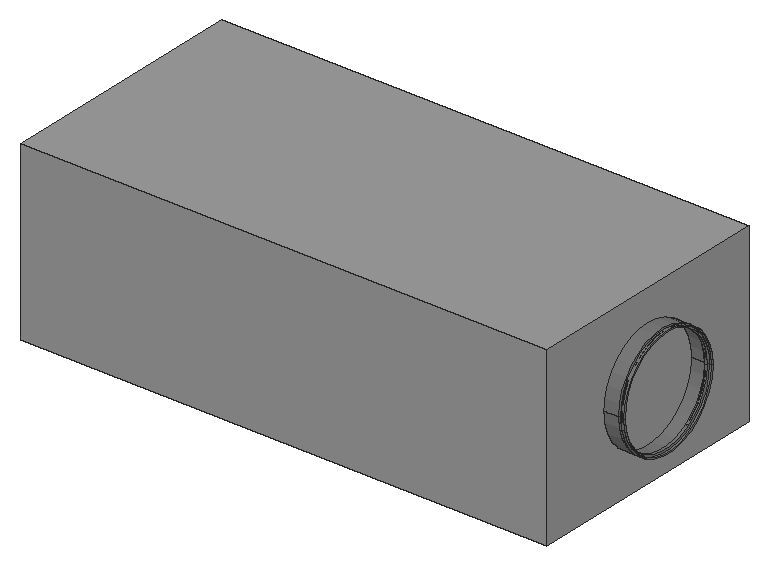
Revit family "BIMLIB_ПриточнаяУстановка_CAU-VIM2000-3000_SHUFT", category Оборудование, Revit 2017
Family settings
  Размер круглого соединителя = Использовать диаметр
  Тип детали = Нормальный
  На основе рабочей плоскости = Нет
  Всегда вертикально = Да
  При загрузке вырезать с полостями = Нет
  Общий = Нет
  Точка расчета площади = Нет
Parameters (values of type "CAU 3000/3-6,0/2 VIM")
  Повернуть УГО [instance] = yes
  Описание = "Вентиляционные установки серии CAU VIM предназначены для работы в помещениях малых и средних объемов: офисах, магазинах, квартирах и т. п.\r\nУстановки изготавливаются в компактном звуко- и теплоизолированном корпусе из оцинкованной стали (толщина изоляции 40 или 50 мм).\r\nУстановки серии CAU VIM можно устанавливать непосредственно в обслуживаемом помещении за подвесным потолком"  # constant formula
  Общая длина = ADSK_Размер_Длина + 2 * (Длина коннекторов)  # 1620 mm
  Изготовитель = "ООО «Завод ВКО» марка SHUFT"  # constant formula
  Длина коннекторов = 60 mm
  Watermark [instance] = "Модели защищены уникальным кодом"
  SH_Мощность вентилятора = 1500 W
  H = 256 mm
  URL = "http://www.shuft.ru/"
  D = 315 mm
  BL_Разработано = "support@bimlib.pro"  # constant formula
  BL_Email = "bimmodels@rusklimat.ru"  # constant formula
  BL_BIM library = "https://bimlib.pro/manufacturer/company/23829"
  ADSK_Частота вращения вентилятора = 3200
  ADSK_Расход воздуха приточный [instance] = 0.0 L/s
  ADSK_Размер_Ширина = 720 mm
  ADSK_Размер_Длина = 1500 mm
  ADSK_Размер_Высота = 500 mm
  ADSK_Примечание [instance] = ""
  ADSK_Полная мощность = ADSK_Номинальная мощность / ADSK_Коэффициент мощности  # 6000 VA
  ADSK_Позиция = ""
  ADSK_Обозначение = ""
  ADSK_Номинальная мощность = 6000 W
  ADSK_Напряжение = 400 V
  ADSK_Наименование = "Приточная вентиляционная установка CAU 3000/3-6,0/2 VIM"
  ADSK_Материал = BIMLIB_Сталь_SHUFT
  ADSK_Масса_Текст = "98"
  ADSK_Масса = 98
  ADSK_Марка = ADSK_Код изделия  # "CAU 3000/3-6,0/2 VIM"
  ADSK_Коэффициент мощности = 1
  ADSK_Количество фаз = 2
  ADSK_Код изделия = "CAU 3000/3-6,0/2 VIM"
  ADSK_Классификация нагрузок = Прочее
  ADSK_Завод-изготовитель = Изготовитель  # "ООО «Завод ВКО» марка SHUFT"
  ADSK_Единица измерения = "шт."  # constant formula
  ADSK_Версия семейства = "v.1"  # constant formula
  ADSK_Версия Revit = "2017"  # constant formula
  ADSK_URL страницы изделия = "http://www.shuft.ru/catalog/2/205/3033/4046/"
  ADSK_URL документации изделия = "http://www.shuft.ru/upload/downloads/CAU_2000-3000-VIM.pdf"
Types (15, lengths in mm): name | Общая длина | SH_Мощность вентилятора | H | D | ADSK_Частота вращения вентилятора | ADSK_Размер_Ширина | ADSK_Размер_Длина | ADSK_Размер_Высота | ADSK_Полная мощность | ADSK_Номинальная мощность | ADSK_Напряжение | ADSK_Наименование | ADSK_Масса_Текст | ADSK_Масса | ADSK_Марка | ADSK_Количество фаз | ADSK_Код изделия
  (no name) | 1620 | 1500 W | 256 | 315 | 3200 | 720 | 1500 | 500 | 6000 VA | 6000 W | 400 V | "Приточная вентиляционная установка CAU 3000/3-6,0/2 VIM" | "98" | 98 | "CAU 3000/3-6,0/2 VIM" | 2 | "CAU 3000/3-6,0/2 VIM"
  CAU 2000/1-2,4/1 VIM | 1520 | 690 W | 198 | 250 | 1750 | 625 | 1400 | 400 | 2400 VA | 2400 W | 230 V | "Приточная вентиляционная установка CAU 2000/1-2,4/1 VIM" | "75" | 75 | "CAU 2000/1-2,4/1 VIM" | 1 | "CAU 2000/1-2,4/1 VIM"
  CAU 2000/3-2,4/1 VIM | 1520 | 930 W | 198 | 250 | 1900 | 625 | 1400 | 400 | 2400 VA | 2400 W | 230 V | "Приточная вентиляционная установка CAU 2000/3-2,4/1 VIM" | "75" | 75 | "CAU 2000/3-2,4/1 VIM" | 1 | "CAU 2000/3-2,4/1 VIM"
  CAU 2000/1-5,0/2 VIM | 1520 | 690 W | 198 | 250 | 1750 | 625 | 1400 | 400 | 5000 VA | 5000 W | 400 V | "Приточная вентиляционная установка CAU 2000/1-5,0/2 VIM" | "75" | 75 | "CAU 2000/1-5,0/2 VIM" | 2 | "CAU 2000/1-5,0/2 VIM"
  CAU 2000/3-5,0/2 VIM | 1520 | 930 W | 198 | 250 | 1900 | 625 | 1400 | 400 | 5000 VA | 5000 W | 400 V | "Приточная вентиляционная установка CAU 2000/3-5,0/2 VIM" | "75" | 75 | "CAU 2000/3-5,0/2 VIM" | 3 | "CAU 2000/3-5,0/2 VIM"
  CAU 2000/1-9,0/3 VIM | 1520 | 690 W | 198 | 250 | 1750 | 625 | 1400 | 400 | 9000 VA | 9000 W | 400 V | "Приточная вентиляционная установка CAU 2000/1-9,0/3 VIM" | "75" | 75 | "CAU 2000/1-9,0/3 VIM" | 3 | "CAU 2000/1-9,0/3 VIM"
  CAU 2000/3-9,0/3 VIM | 1520 | 930 W | 198 | 250 | 1900 | 625 | 1400 | 400 | 9000 VA | 9000 W | 400 V | "Приточная вентиляционная установка CAU 2000/3-9,0/3 VIM" | "75" | 75 | "CAU 2000/3-9,0/3 VIM" | 3 | "CAU 2000/3-9,0/3 VIM"
  CAU 2000/1-12,0/3 VIM | 1520 | 690 W | 198 | 250 | 1750 | 625 | 1400 | 400 | 12000 VA | 12000 W | 400 V | "Приточная вентиляционная установка CAU 2000/1-12,0/3 VIM" | "75" | 75 | "CAU 2000/1-12,0/3 VIM" | 3 | "CAU 2000/1-12,0/3 VIM"
  CAU 2000/3-12,0/3 VIM | 1520 | 930 W | 198 | 250 | 1900 | 625 | 1400 | 400 | 12000 VA | 12000 W | 400 V | "Приточная вентиляционная установка CAU 2000/3-12,0/3 VIM" | "75" | 75 | "CAU 2000/3-12,0/3 VIM" | 3 | "CAU 2000/3-12,0/3 VIM"
  CAU 3000/1-6,0/2 VIM | 1620 | 1150 W | 256 | 315 | 2750 | 720 | 1500 | 500 | 6000 VA | 6000 W | 400 V | "Приточная вентиляционная установка CAU 3000/1-6,0/2 VIM" | "98" | 98 | "CAU 3000/1-6,0/2 VIM" | 2 | "CAU 3000/1-6,0/2 VIM"
  CAU 3000/3-6,0/2 VIM | 1620 | 1500 W | 256 | 315 | 3200 | 720 | 1500 | 500 | 6000 VA | 6000 W | 400 V | "Приточная вентиляционная установка CAU 3000/3-6,0/2 VIM" | "98" | 98 | "CAU 3000/3-6,0/2 VIM" | 2 | "CAU 3000/3-6,0/2 VIM"
  CAU 3000/1-15,0/3 VIM | 1620 | 1150 W | 256 | 315 | 2750 | 720 | 1500 | 500 | 15000 VA | 15000 W | 400 V | "Приточная вентиляционная установка CAU 3000/1-15,0/3 VIM" | "98" | 98 | "CAU 3000/1-15,0/3 VIM" | 3 | "CAU 3000/1-15,0/3 VIM"
  CAU 3000/3-15,0/3 VIM | 1620 | 1500 W | 256 | 315 | 3200 | 720 | 1500 | 500 | 15000 VA | 15000 W | 400 V | "Приточная вентиляционная установка CAU 3000/3-15,0/3 VIM" | "98" | 98 | "CAU 3000/3-15,0/3 VIM" | 3 | "CAU 3000/3-15,0/3 VIM"
  CAU 3000/1-22,5/3 VIM | 1620 | 1150 W | 256 | 315 | 2750 | 720 | 1500 | 500 | 22500 VA | 22500 W | 400 V | "Приточная вентиляционная установка CAU 3000/1-22,5/3 VIM" | "98" | 98 | "CAU 3000/1-22,5/3 VIM" | 3 | "CAU 3000/1-22,5/3 VIM"
  CAU 3000/3-22,5/3 VIM | 1620 | 1500 W | 256 | 315 | 3200 | 720 | 1500 | 500 | 22500 VA | 22500 W | 400 V | "Приточная вентиляционная установка CAU 3000/3-22,5/3 VIM" | "98" | 98 | "CAU 3000/3-22,5/3 VIM" | 3 | "CAU 3000/3-22,5/3 VIM"
Reference planes
  plane 1 "По центру (Вперед/Назад)": y = 0
  plane 2: z = 0
  plane 3 "По центру (Влево/Вправо)": x = 0
  plane 4: x = 815
  plane 5: x = -815
  plane 6 "Перед": y = -360
  plane 7 "Зад": y = 360
  plane 8: z = 500
  plane 9 "Лево корпус": x = -750
  plane 10 "Право корпус": x = 750
  plane 11 "коннекторы": z = 256
  plane 12: z = 475
Forms (mm)
  Extrusion 1, solid, material "BIMLIB_Сталь_SHUFT" <- "ADSK_Материал", detail levels medium+fine
    sketch origin (0, 0, 0) x (1, 0, 0) y (0, 1, 0)
      loop
        line (-750, 360) -> (-750, -360) -> (750, -360) -> (750, 360) -> (-750, 360)
    from 0 to 500 <- "ADSK_Размер_Высота"
Lines and regions (mm)
  model lines, detail levels fine
    curve 1: line (-750, 360, 475) -> (750, 360, 475)
    curve 2: line (-750, -360, 475) -> (750, -360, 475)
    curve 3: line (-750, -360, 475) -> (-750, 360, 475)
    curve 4: line (750, -360, 475) -> (750, 360, 475)
Dimensions and locks
  equal spacing: plane 6 "Перед", plane 1 "По центру (Вперед/Назад)", plane 7 "Зад"
  equal spacing: plane 5, plane 3 "По центру (Влево/Вправо)", plane 4
  "ADSK_Размер_Высота": plane 8 to level
  "ADSK_Размер_Ширина": plane 6 "Перед" to plane 7 "Зад"
  locked: plane 5 to plane 9 "Лево корпус" at 65
  locked: plane 10 "Право корпус" to plane 4 at 65
  "H": plane 11 "коннекторы" to level
  locked: plane 8 to plane 12 at 25
  "ADSK_Размер_Длина": plane 9 "Лево корпус" to plane 10 "Право корпус"
  aligned and locked: level to plane 2
  aligned and locked: Extrusion 1 sketch curve to plane 9 "Лево корпус"
  aligned and locked: Extrusion 1 sketch curve to plane 7 "Зад"
  aligned and locked: Extrusion 1 sketch curve to plane 10 "Право корпус"
  aligned and locked: Extrusion 1 sketch curve to plane 6 "Перед"
  aligned and locked: plane 1 "По центру (Вперед/Назад)" to nested 1
  aligned and locked: plane 3 "По центру (Влево/Вправо)" to nested 1
  aligned and locked: nested 3 to plane 1 "По центру (Вперед/Назад)"
  aligned and locked: plane 1 "По центру (Вперед/Назад)" to nested 2
  aligned and locked: plane 9 "Лево корпус" to nested 3
  aligned and locked: plane 10 "Право корпус" to nested 2
Automatic sketch dimensions
  curve 1 to plane 9 "Лево корпус" = 0 mm
  plane 10 "Право корпус" to curve 1 = 0 mm
  curve 1 to plane 12 = 0 mm
  plane 10 "Право корпус" to curve 2 = 0 mm
  curve 2 to plane 9 "Лево корпус" = 0 mm
  curve 2 to plane 12 = 0 mm
  curve 3 to plane 6 "Перед" = 0 mm
  curve 3 to plane 7 "Зад" = 0 mm
  curve 3 to plane 12 = 0 mm
  curve 4 to plane 6 "Перед" = 0 mm
  curve 4 to plane 7 "Зад" = 0 mm
  curve 4 to plane 12 = 0 mm
Nested families
  nested 1: "BIMLIB_УГО_SHUFT" at (0, 0, 0), Высота УГО 3д План <- "H", Высота <- "ADSK_Размер_Высота", Длина <- "Общая длина", Ширина <- "ADSK_Размер_Ширина", УГО сверху <- "Повернуть УГО", type "BIMLIB_УГО_SHUFT", detail levels coarse
    with Ширина/4 180 mm, Ширина 720 mm, УГО спереди no, УГО сверху yes, Длина 1620 mm, Высота/4 125 mm, Высота УГО 3д План 256 mm, Высота 500 mm
  nested 2: "BIMLIB_Подключение_Круглое_SHUFT" at (750, 0, 256), D <- "D", L <- "Длина коннекторов", type "BIMLIB_Подключение_Круглое_SHUFT"
    with Материал BIMLIB_Сталь_Патрубки_SHUFT, L 60 mm, D 315 mm
  nested 3: "BIMLIB_Подключение_Круглое_SHUFT" at (-750, 0, 256) x (-1, 0, 0) z (0, 0, 1), D <- "D", L <- "Длина коннекторов", type "BIMLIB_Подключение_Круглое_SHUFT"
    with Материал BIMLIB_Сталь_Патрубки_SHUFT, L 60 mm, D 315 mm
Connectors
  electrical at (0, 0, 500), driven by "ADSK_Количество фаз", driven by "ADSK_Классификация нагрузок", driven by "ADSK_Напряжение", driven by "ADSK_Полная мощность", driven by "ADSK_Коэффициент мощности"
    settings: on Extrusion 1, index 3, voltage 400 V, apparent load 6000 VA, apparent load phase1 0 VA, apparent load phase2 0 VA, apparent load phase3 0 VA, power factor 1, load classification "Прочее", number of poles 2, system type 30, power factor state 1, is connector primary yes, connector utility no, sub classification motor no, connector description "Электрический соединитель"
  hvac at (-810, 0, 256), driven by "D", driven by "ADSK_Расход воздуха приточный"
    settings: on nested 3, index 7, duct flow 0.0 L/s, flow factor 0, pres drop 0.0 Pa, loss coef 0, conn angle 0.00°, conn width 304.8 mm, conn height 304.8 mm, conn diameter 315 mm, duct sys type 1, conn prof type 0, flow config 0, flow direction 1, loss method 0, conn ref index 8, conn util no, is conn primary yes, conn desc "Наружный воздух"
  hvac at (810, 0, 256), driven by "D", driven by "ADSK_Расход воздуха приточный"
    settings: on nested 2, index 8, duct flow 0.0 L/s, flow factor 0, pres drop 0.0 Pa, loss coef 0, conn angle 0.00°, conn width 304.8 mm, conn height 304.8 mm, conn diameter 315 mm, duct sys type 1, conn prof type 0, flow config 0, flow direction 2, loss method 0, conn ref index 7, conn util no, is conn primary no, conn desc "Приточный воздух"
Definition of nested family "BIMLIB_Подключение_Круглое_SHUFT"
  Parameters (values of type "BIMLIB_Подключение_Круглое_SHUFT")
    Default Elevation = 1219.2 mm
    Материал [instance] = none
    L [instance] = 30 mm
    D [instance] = 300 mm
  Reference planes
    plane 1 "По центру (Вперед/Назад)": y = 0
    plane 2: z = 0
    plane 3 "По центру (Влево/Вправо)": x = 0
    plane 4: y = 150
    plane 5: y = -150
    plane 6: x = 30
  Forms (mm)
    Revolve 1, solid, material <- "Материал", detail levels medium+fine
      sketch origin (0, 0, 0) x (1, 0, 0) y (0, 1, 0)
        loop
          line (30, 148) -> (30, 150) -> (20, 150) -> (20, 145) -> (15, 145) -> (15, 150) -> (0, 150) -> (0, 148) -> (13, 148) -> (13, 143) -> (22, 143) -> (22, 148) -> (30, 148)
        axis (30, 0) -> (0, 0)
      angle from 0 to 360
  Dimensions and locks
    equal spacing: plane 4, plane 1 "По центру (Вперед/Назад)", plane 5
    "D": plane 4 to plane 5
    "L": plane 3 "По центру (Влево/Вправо)" to plane 6
    aligned and locked: level to plane 2
    aligned and locked: Revolve 1 sketch curve to plane 1 "По центру (Вперед/Назад)"
    aligned and locked: plane 6 to Revolve 1 sketch curve
    aligned and locked: plane 4 to Revolve 1 sketch curve  (x2)
    aligned and locked: Revolve 1 sketch curve to plane 3 "По центру (Влево/Вправо)"
  Automatic sketch dimensions
    Revolve 1 sketch curve to Revolve 1 sketch curve = 2 mm  (x5)
    Revolve 1 sketch curve to Revolve 1 sketch curve = 5 mm
    Revolve 1 sketch curve to Revolve 1 sketch curve = 8 mm
    Revolve 1 sketch curve to Revolve 1 sketch curve = 3 mm
    Revolve 1 sketch curve to plane 3 "По центру (Влево/Вправо)" = 2000 mm
    plane 6 to Revolve 1 sketch curve = 1535.044 mm
Definition of nested family "BIMLIB_УГО_SHUFT"
  Parameters (values of type "BIMLIB_УГО_SHUFT")
    Ширина/4 [instance] = Ширина / 4  # 105 mm
    Ширина [instance] = 420 mm
    УГО спереди [instance] = not(УГО сверху)  # no
    УГО сверху [instance] = yes
    Высота/4 [instance] = Высота / 4  # 63 mm
    Длина [instance] = 810 mm
    Высота УГО 3д План [instance] = 126 mm
    Высота [instance] = 252 mm
  Reference planes
    plane 1 "По центру (Вперед/Назад)": y = 0
    plane 2: z = 0
    plane 3 "По центру (Влево/Вправо)": x = 0
    plane 4: x = -405
    plane 5: x = 405
    plane 6: y = 210
    plane 7: y = -210
    plane 8: z = 126
    plane 9 "УГО 3Д": z = 252
    plane 10: x = -270
    plane 11: x = -135
    plane 12: z = 189
    plane 13: z = 63
    plane 14: x = 63
    plane 15: x = 105
    plane 16: y = 105
    plane 17: y = -105
    plane 18 "УГО": z = 126
  Lines and regions (mm)
    model lines, visible <- "УГО спереди", detail levels coarse
      curve 1: line (-405, 0, 252) -> (-405, 0, 0)
      curve 2: line (-405, 0, 0) -> (405, 0, 0)
      curve 3: line (405, 0, 0) -> (405, 0, 252)
      curve 4: line (405, 0, 252) -> (-405, 0, 252)
      curve 5: line (-270, 0, 252) -> (-270, 0, 0)
      curve 6: line (-135, 0, 252) -> (-135, 0, 0)
      curve 7: line (0, 0, 189) -> (0, 0, 63)
      curve 8: line (0, 0, 63) -> (63, 0, 126)
      curve 9: line (63, 0, 126) -> (0, 0, 189)
    model lines, visible <- "УГО сверху", detail levels coarse
      curve 10: line (-405, 210, 126) -> (-405, -210, 126)
      curve 11: line (-405, -210, 126) -> (405, -210, 126)
      curve 12: line (405, -210, 126) -> (405, 210, 126)
      curve 13: line (405, 210, 126) -> (-405, 210, 126)
      curve 14: line (-270, 210, 126) -> (-270, -210, 126)
      curve 15: line (-135, 210, 126) -> (-135, -210, 126)
      curve 16: line (0, 105, 126) -> (105, 0, 126)
      curve 17: line (105, 0, 126) -> (0, -105, 126)
      curve 18: line (0, -105, 126) -> (0, 105, 126)
    symbolic lines, detail levels coarse
      curve 19: line (-405, 0, 252) -> (-405, 0, 0)
      curve 20: line (-405, 0, 0) -> (405, 0, 0)
      curve 21: line (405, 0, 0) -> (405, 0, 252)
      curve 22: line (405, 0, 252) -> (-405, 0, 252)
      curve 23: line (-270, 0, 252) -> (-270, 0, 0)
      curve 24: line (-135, 0, 0) -> (-135, 0, 252)
      curve 25: line (0, 0, 189) -> (63, 0, 126)
      curve 26: line (63, 0, 126) -> (0, 0, 63)
      curve 27: line (0, 0, 63) -> (0, 0, 189)
      curve 28: line (-405, 210, 0) -> (-405, -210, 0)
      curve 29: line (-405, -210, 0) -> (405, -210, 0)
      curve 30: line (405, -210, 0) -> (405, 210, 0)
      curve 31: line (405, 210, 0) -> (-405, 210, 0)
      curve 32: line (-270, 210, 0) -> (-270, -210, 0)
      curve 33: line (-135, -210, 0) -> (-135, 210, 0)
      curve 34: line (0, 105, 0) -> (105, 0, 0)
      curve 35: line (105, 0, 0) -> (0, -105, 0)
      curve 36: line (0, -105, 0) -> (0, 105, 0)
  Dimensions and locks
    equal spacing: plane 4, plane 3 "По центру (Влево/Вправо)", plane 5
    "Длина": plane 4 to plane 5
    "Ширина": plane 7 to plane 6
    equal spacing: plane 4, plane 10, plane 11, plane 3 "По центру (Влево/Вправо)"
    "Высота": plane 9 "УГО 3Д" to level
    equal spacing: plane 9 "УГО 3Д", plane 12, plane 8, plane 13, level
    "Высота/4": plane 14 to plane 3 "По центру (Влево/Вправо)"
    equal spacing: plane 6, plane 16, plane 1 "По центру (Вперед/Назад)", plane 17, plane 7
    "Ширина/4": plane 15 to plane 3 "По центру (Влево/Вправо)"
    "Ширина/4": plane 3 "По центру (Влево/Вправо)" to plane 15
    "Высота УГО 3д План": plane 18 "УГО" to level
    aligned and locked: level to plane 2
  Automatic sketch dimensions
    curve 12 to plane 5 = 0 mm
    plane 1 "По центру (Вперед/Назад)" to curve 16 = 0 mm
    curve 16 to plane 15 = 0 mm
    curve 18 to plane 3 "По центру (Влево/Вправо)" = 0 mm
    curve 15 to plane 11 = 0 mm
    curve 14 to plane 10 = 0 mm
    curve 11 to plane 4 = 0 mm
    curve 13 to plane 6 = 0 mm
    curve 18 to plane 16 = 0 mm
    plane 7 to curve 12 = 0 mm
    curve 1 to plane 4 = 0 mm
    curve 5 to plane 9 "УГО 3Д" = 0 mm
    curve 5 to plane 10 = 0 mm
    curve 23 to level = 0 mm
    curve 23 to plane 10 = 0 mm
    curve 6 to plane 11 = 0 mm
    curve 24 to plane 11 = 0 mm
    curve 9 to plane 3 "По центру (Влево/Вправо)" = 0 mm
    curve 8 to plane 8 = 0 mm
    curve 8 to plane 14 = 0 mm
    curve 20 to plane 5 = 0 mm
    curve 27 to plane 12 = 0 mm
    curve 28 to plane 4 = 0 mm
    curve 32 to plane 6 = 0 mm
    curve 32 to plane 10 = 0 mm
    plane 7 to curve 33 = 0 mm
    curve 33 to plane 11 = 0 mm
    curve 34 to plane 3 "По центру (Влево/Вправо)" = 0 mm
    plane 1 "По центру (Вперед/Назад)" to curve 34 = 0 mm
    curve 30 to plane 5 = 0 mm
    curve 36 to plane 17 = 0 mm
    curve 36 to plane 16 = 0 mm
